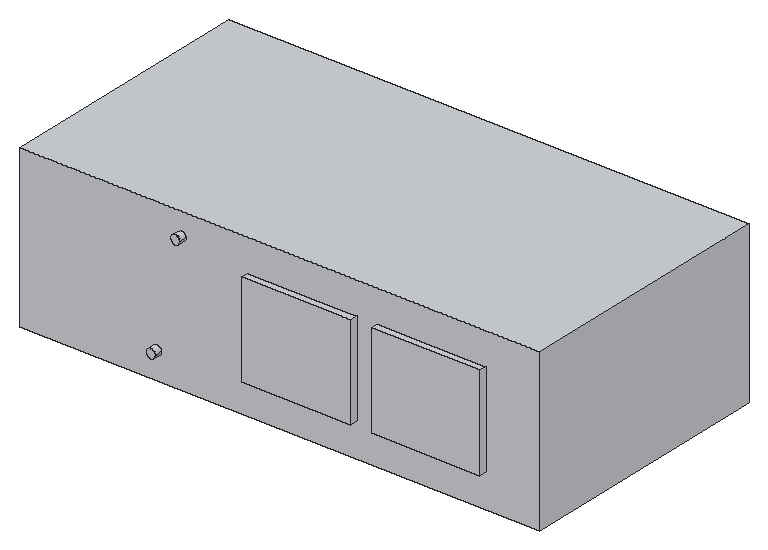
Revit family "1b95aef0c4b04fb09c737d03a0ba237b", category Mechanical Equipment, Revit 2021
Family settings
  Round Connector Dimension = Use Radius
  Part Type = Normal
  OmniClass Number = 23.75.10.21.17
  OmniClass Title = Water-Source Heat Pumps
  Seek Item ID = WSHP - Horizontal - 8-10 Tons - Left Return - Right Discharge-0000-USA-ENU
  Work Plane-Based = No
  Always vertical = Yes
  Cut with Voids When Loaded = No
  Shared = No
  Room Calculation Point = No
Parameters (values of type "10 Tons")
  Water Supply Radius = 5/8"
  Water Supply Diameter = Water Supply Radius * 2  # 1 1/4"
  Water Return Radius = 5/8"
  Water Return Diameter = Water Return Radius * 2  # 1 1/4"
  Water Pressure Drop [instance] = 12.90 psi
  Water Flow [instance] = 30 GPM
  Voltage = 460 V
  Supply Air Width = 15 13/128"
  Supply Air Height = 13 13/128"
  Return Air Width = 63 51/256"
  Return Air Height = 18 51/128"
  Pump Width = 3' - 0 77/256"
  Pump Material = none
  Pump Length = 6' - 0 77/256"
  Pump Height = 1' - 9 77/128"
  Number of Poles = 3
  Load Classification = Cooling
  Drain Flow [instance] = 0 GPM
  Default Elevation = 0' - 0"
  Condensate Radius = 3/8"
  Condensate Diameter = Condensate Radius * 2  # 3/4"
  C6 Offset 2 = 0' - 1"
  C6 Offset 1 = 0' - 7 1/2"
  C5 Offset 2 = 0' - 4 179/256"
  C5 Offset 1 = 0' - 2 115/128"
  C7 Offset 2 = 0' - 5 77/128"
  C7 Offset 1 = 0' - 2"
  C2 Offset 2 = 0' - 3 205/256"
  C2 Offset 1 = 1' - 7"
  C1 Offset 2 = 1' - 7 51/256"
  C1 Offset 1 = 1' - 10 51/128"
  Assembly Code = ""
  Apparent Load = 8326 VA
  External Static Pressure [instance] = 1.20 in-wg
  Air Flow 1 [instance] = Air Flow / 2  # 2000 CFM
  Air Flow [instance] = 4000 CFM
Types (2): name | Water Pressure Drop | Water Flow | C5 Offset 2 | C2 Offset 1 | C1 Offset 2 | Apparent Load | Air Flow 1 | Air Flow
  10 Tons | 12.90 psi | 30 GPM | 0' - 4 179/256" | 1' - 7" | 1' - 7 51/256" | 8326 VA | 2000 CFM | 4000 CFM
  8 Tons | 9.80 psi | 24 GPM | 0' - 3 205/256" | 1' - 8 179/256" | 1' - 6 77/128" | 8050 VA | 1600 CFM | 3200 CFM
Reference planes (in)
  plane 1 "Center (Front/Back)": y = 0
  plane 2: z = 0
  plane 3 "Center (Left/Right)": x = 0
  plane 4: x = 72.30078
  plane 5: y = 36.30078
  plane 6: z = 0.75
  plane 7: z = 22.35156
  plane 8: y = 30.15039
  plane 9: y = 6.15039
  plane 10: y = 18.15039
  plane 11: y = 32.15039
  plane 12: y = 4.15039
  plane 13: x = 64.80078
  plane 14: x = 49.69922
  plane 15: z = 4.69922
  plane 16: z = 17.80078
  plane 17: y = -1
  plane 18: x = 22.39844
  plane 19: z = 19.19922
  plane 20: x = 19
  plane 21: z = 3.80078
  plane 22: z = 1.8
  plane 23: y = 32.10078
  plane 24: x = -1
  plane 25: z = 2.95313
  plane 26: z = 21.35156
  plane 27: x = 66.09766
  plane 28: x = 2.89844
  plane 29: y = 37.30078
  plane 30: z = 5.60156
  plane 31: y = 2
  plane 32: x = 1
  plane 33: x = 46.80078
  plane 34: x = 31.69922
Forms (in)
  Extrusion 1, solid, material <- "Pump Material"
    sketch origin (0, 0, 0) x (1, 0, 0) y (0, 1, 0)
      loop
        line (0, 0) -> (72.30078, 0) -> (72.30078, 36.30078) -> (0, 36.30078) -> (0, 0)
    from 0 to 22.35156
  Extrusion 2, solid, material <- "Pump Material"
    sketch origin (0, 0, 0) x (1, 0, 0) y (0, 0, 1)
      loop
        line (49.69922, 17.80078) -> (49.69922, 4.69922) -> (64.80078, 4.69922) -> (64.80078, 17.80078) -> (49.69922, 17.80078)
    from 0 to 1
  Extrusion 3, solid, material <- "Pump Material"
    sketch origin (0, 0, 0) x (1, 0, 0) y (0, 0, 1)
      loop
        circle (22.39844, 19.19922) r 0.625
    from 0 to 1
  Extrusion 4, solid, material <- "Pump Material"
    sketch origin (0, 0, 0) x (1, 0, 0) y (0, 0, 1)
      loop
        circle (19, 3.80078) r 0.625
    from 0 to 1
  Extrusion 5, solid, material <- "Pump Material"
    sketch origin (0, 0, 0) x (0, 1, 0) y (0, 0, 1)
      loop
        circle (32.10078, 1.8) r 0.375
    from 0 to -1
  Extrusion 6, solid, material <- "Pump Material"
    sketch origin (0, 0, 0) x (1, 0, 0) y (0, 0, 1)
      loop
        line (66.09766, 21.35156) -> (2.89844, 21.35156) -> (2.89844, 2.95313) -> (66.09766, 2.95313) -> (66.09766, 21.35156)
    from -36.30078 to -37.30078
  Extrusion 7, solid, material <- "Pump Material"
    sketch origin (0, 0, 0) x (0, 1, 0) y (0, 0, 1)
      loop
        circle (2, 5.60156) r 0.5
    from 0 to 1
  Extrusion 8, solid, material <- "Pump Material"
    sketch origin (0, 0, 0) x (1, 0, 0) y (0, 0, 1)
      loop
        line (31.69922, 17.80078) -> (31.69922, 4.69922) -> (46.80078, 4.69922) -> (46.80078, 17.80078) -> (31.69922, 17.80078)
    from 0 to 1
Cuts and joins
  joined: Extrusion 1, Extrusion 2, Extrusion 3, Extrusion 4, Extrusion 5, Extrusion 6, Extrusion 7, Extrusion 8
Dimensions and locks (in)
  "Pump Length": plane 3 "Center (Left/Right)" to plane 4
  "Pump Width": plane 1 "Center (Front/Back)" to plane 5
  plane 6 to plane 2 = 0' - 0 3/4"
  "Pump Height": plane 7 to plane 6
  equal spacing: plane 5, plane 10, plane 1 "Center (Front/Back)"
  equal spacing: plane 8, plane 10, plane 9
  plane 8 to plane 9 = 2' - 0"
  locked: plane 11 to plane 8 at 2
  locked: plane 9 to plane 12 at 2
  "Supply Air Width": plane 13 to plane 14
  "C5 Offset 2": plane 15 to plane 2
  "Supply Air Height": plane 16 to plane 15
  locked: plane 17 to plane 1 "Center (Front/Back)" at 1
  "C2 Offset 2": plane 21 to plane 2
  "C2 Offset 1": plane 20 to plane 3 "Center (Left/Right)"
  "C1 Offset 2": plane 19 to plane 2
  "C1 Offset 1": plane 18 to plane 3 "Center (Left/Right)"
  locked: plane 22 to plane 2 at 1.8
  locked: plane 5 to plane 23 at 4.2
  locked: plane 24 to plane 3 "Center (Left/Right)" at 1
  "Return Air Height": plane 25 to plane 26
  "C5 Offset 1": plane 3 "Center (Left/Right)" to plane 28
  "Return Air Width": plane 28 to plane 27
  locked: plane 29 to plane 5 at 1
  "C7 Offset 2": plane 30 to plane 2
  "C7 Offset 1": plane 31 to plane 1 "Center (Front/Back)"
  locked: plane 3 "Center (Left/Right)" to plane 32 at 1
  "C6 Offset 1": plane 4 to plane 13
  "C6 Offset 2": plane 7 to plane 26
  locked: plane 4 to plane 33 at 25.5
  "Supply Air Width": plane 33 to plane 34
  "Water Supply Radius": radius of Extrusion 3 sketch curve
  "Water Return Radius": radius of Extrusion 4 sketch curve
  "Condensate Radius": radius of Extrusion 5 sketch curve
  radius of Extrusion 7 sketch curve = 0' - 0 1/2"
  aligned and locked: plane 5 to Extrusion 1
  aligned and locked: plane 4 to Extrusion 1
  aligned and locked: plane 7 to Extrusion 1
  aligned and locked: Extrusion 1 to plane 3 "Center (Left/Right)"
  aligned and locked: plane 1 "Center (Front/Back)" to Extrusion 1
  aligned and locked: plane 16 to Extrusion 2
  aligned and locked: Extrusion 2 to plane 15
  aligned and locked: Extrusion 2 to plane 14
  aligned and locked: plane 13 to Extrusion 2
  aligned and locked: Extrusion 2 to plane 1 "Center (Front/Back)"
  aligned and locked: Extrusion 2 to plane 17
  aligned and locked: plane 18 to Extrusion 3 sketch curve
  aligned and locked: Extrusion 3 sketch curve to plane 19
  aligned and locked: plane 20 to Extrusion 4 sketch curve
  aligned and locked: plane 21 to Extrusion 4 sketch curve
  aligned and locked: Extrusion 3 to plane 17
  aligned and locked: Extrusion 4 to plane 17
  aligned and locked: plane 23 to Extrusion 5 sketch curve
  aligned and locked: plane 22 to Extrusion 5 sketch curve
  aligned and locked: Extrusion 5 to plane 3 "Center (Left/Right)"
  aligned and locked: Extrusion 5 to plane 24
  aligned and locked: Extrusion 6 to plane 26
  aligned and locked: Extrusion 6 to plane 25
  aligned and locked: Extrusion 6 to plane 27
  aligned and locked: plane 28 to Extrusion 6
  aligned and locked: Extrusion 6 to plane 29
  aligned and locked: Extrusion 6 to plane 5
  aligned and locked: plane 30 to Extrusion 7 sketch curve
  aligned and locked: plane 31 to Extrusion 7 sketch curve
  aligned and locked: Extrusion 7 to plane 3 "Center (Left/Right)"
  aligned and locked: plane 32 to Extrusion 7
  aligned and locked: Extrusion 1 to plane 2
  aligned and locked: plane 16 to Extrusion 8
  aligned and locked: Extrusion 8 to plane 15
  aligned and locked: plane 33 to Extrusion 8
  aligned and locked: Extrusion 8 to plane 34
  aligned and locked: Extrusion 8 to plane 1 "Center (Front/Back)"
  aligned and locked: Extrusion 8 to plane 17
Automatic sketch dimensions
  Extrusion 1 sketch curve to plane 3 "Center (Left/Right)" = 0' - 0"
  Extrusion 1 sketch curve to plane 4 = 0' - 0"
  Extrusion 1 sketch curve to plane 1 "Center (Front/Back)" = 0' - 0"
  Extrusion 1 sketch curve to plane 5 = 0' - 0"
  Extrusion 2 sketch curve to plane 14 = 0' - 0"
  plane 13 to Extrusion 2 sketch curve = 0' - 0"
  plane 15 to Extrusion 2 sketch curve = 0' - 0"
  Extrusion 2 sketch curve to plane 16 = 0' - 0"
  plane 19 to Extrusion 6 sketch curve = 0' - 2 39/256"
  Extrusion 6 sketch curve to plane 18 = 1' - 7 1/2"
  plane 27 to Extrusion 6 sketch curve = 0' - 0"
  Extrusion 6 sketch curve to plane 15 = 0' - 1 191/256"
  Extrusion 8 sketch curve to plane 19 = 0' - 1 51/128"
  Extrusion 8 sketch curve to plane 34 = 0' - 0"
  plane 33 to Extrusion 8 sketch curve = 0' - 0"
  plane 15 to Extrusion 8 sketch curve = 0' - 0"
Connectors (in)
  piping at (22.39844, -1, 19.19922), diameter 1.25, driven by "Water Supply Radius", driven by "Water Flow"
    settings: on Extrusion 3, index 1, connector inside diameter 1 1/4", connector length 0' - 0", flow factor 0, pipe flow 30 GPM, pressure drop 0.00 psi, fitting loss kfactor 0, connector angle 0.00°, fixture units 0, engagement length 0' - 0", angle of deflection 0.00°, flow configuration 1, flow direction 1, fitting loss method 0, system type 7, joint type 0, gender type 0, connector reference index 2, connector utility 0, adjustable connector no, is connector primary yes, connector description "Water Supply In"
  piping at (19, -1, 3.80078), diameter 1.25, driven by "Water Flow", driven by "Water Return Radius", driven by "Water Pressure Drop"
    settings: on Extrusion 4, index 2, connector inside diameter 1 1/4", connector length 0' - 0", flow factor 0, pipe flow 30 GPM, pressure drop 12.90 psi, fitting loss kfactor 0, connector angle 0.00°, fixture units 0, engagement length 0' - 0", angle of deflection 0.00°, flow configuration 1, flow direction 2, fitting loss method 4, system type 8, joint type 0, gender type 0, connector reference index 1, connector utility 0, adjustable connector no, is connector primary no, connector description "Water Return Out"
  piping at (-1, 32.10078, 1.8), diameter 0.75, driven by "Condensate Radius", driven by "Drain Flow"
    settings: on Extrusion 5, index 3, connector inside diameter 3/4", connector length 0' - 0", flow factor 0, pipe flow 0 GPM, pressure drop 0.00 psi, fitting loss kfactor 0, connector angle 0.00°, fixture units 0, engagement length 0' - 0", angle of deflection 0.00°, flow configuration 1, flow direction 2, fitting loss method 0, system type 16, joint type 0, gender type 0, connector reference index -1, connector utility 0, adjustable connector yes, is connector primary no, connector description "Condensate Out"
  hvac at (57.25, -1, 11.25), driven by "Air Flow 1", driven by "Supply Air Height", driven by "Supply Air Width"
    settings: on Extrusion 2, index 4, duct flow 2000 CFM, flow factor 0, pres drop 0.00 in-wg, loss coef 0, conn angle 0.00°, conn width 15 13/128", conn height 13 13/128", conn diameter 24", duct sys type 1, conn prof type 1, flow config 0, flow direction 2, loss method 0, conn ref index -1, conn util no, is conn primary yes, conn desc ""
  hvac at (39.25, -1, 11.25), driven by "Air Flow 1", driven by "Supply Air Height", driven by "Supply Air Width"
    settings: on Extrusion 8, index 5, duct flow 2000 CFM, flow factor 0, pres drop 0.00 in-wg, loss coef 0, conn angle 0.00°, conn width 15 13/128", conn height 13 13/128", conn diameter 24", duct sys type 1, conn prof type 1, flow config 0, flow direction 2, loss method 0, conn ref index -1, conn util no, is conn primary no, conn desc ""
  hvac at (34.49805, 37.30078, 12.15234), driven by "Air Flow", driven by "Return Air Height", driven by "Return Air Width"
    settings: on Extrusion 6, index 6, duct flow 4000 CFM, flow factor 0, pres drop 0.00 in-wg, loss coef 0, conn angle 0.00°, conn width 63 51/256", conn height 18 51/128", conn diameter 24", duct sys type 2, conn prof type 1, flow config 0, flow direction 1, loss method 0, conn ref index -1, conn util no, is conn primary no, conn desc ""
  electrical at (0, 2, 5.60156), driven by "Apparent Load", driven by "Voltage", driven by "Number of Poles", driven by "Load Classification"
    settings: on Extrusion 7, index 7, voltage 460 V, apparent load 8326 VA, apparent load phase1 0 VA, apparent load phase2 0 VA, apparent load phase3 0 VA, power factor 0.8, load classification "Cooling", number of poles 3, system type 30, power factor state 1, is connector primary yes, connector utility no, sub classification motor no, connector description ""
